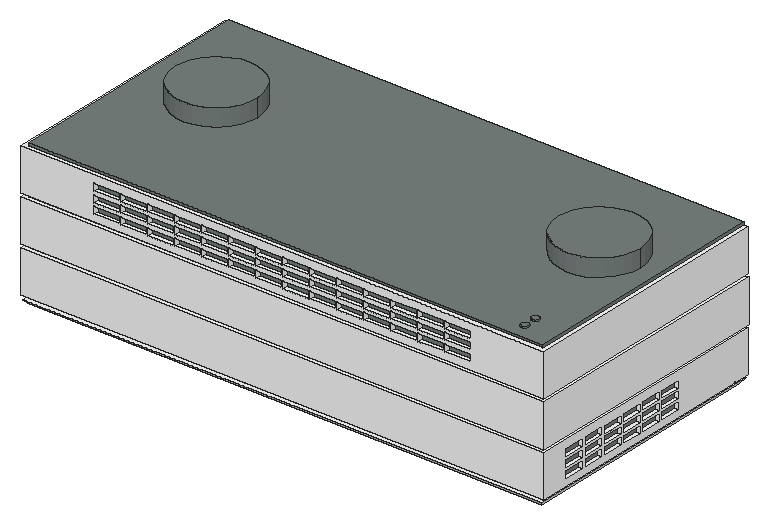
Revit family "AM 500 VT", category Mechanical Equipment, Revit 2019
Family settings
  Round Connector Dimension = Use Diameter
  Part Type = Normal
  OmniClass Number = 23.75.00.00
  OmniClass Title = Climate Control (HVAC)
  Work Plane-Based = No
  Always vertical = Yes
  Cut with Voids When Loaded = No
  Shared = No
  Room Calculation Point = No
Parameters
  Weight (Standard Unit) = 108  # constant formula
  Water Heater Surface Return = 10 mm  # constant formula
  Water Heater Surface IN = 10 mm  # constant formula
  URL = "www.airmaster-as.com"
  Total Width = 1600 mm  # constant formula
  Total Hight = 439 mm  # constant formula
  R-C Duct Supply = 192 mm  # constant formula
  L-C Duct Exhaust = 238 mm  # constant formula
  Suply Air In = 250 mm  # constant formula
  B-C Duct Supply = 328 mm  # constant formula
  Phase 1 - Max Power Consumption = "1762 W"
  Phase 1 - Max Current = "8,1 A"
  Nominal current, electrical preheating surface = "4,4 A"
  Nominal current, electrical comfort heating surface = "2,6 A"
  Nominal current, air handling unit = "1,1 A"
  Network Conection = "AWG 24 CAT 5e STP"
  Model = "AM 500 VT"
  Max. flow rate 35 dB(A) with ePM10 80% filters = 440.00 m³  # constant formula
  Max. flow rate 35 dB(A) with ePM10 55% filters = 495.00 m³  # constant formula
  Max. flow rate 35 dB(A) with ePM10 50% filters = 550.00 m³  # constant formula
  Max. flow rate 30 dB(A) with ePM10 80% filters = 344.00 m³  # constant formula
  Max. flow rate 30 dB(A) with ePM10 55% filters = 387.00 m³  # constant formula
  Max. flow rate 30 dB(A) with ePM10 50% filters = 430.00 m³  # constant formula
  Manufacturer = "Airmaster A/S"
  Maintenance [instance] = no
  B-C Duct Exhaust = 328 mm  # constant formula
  Exhaust Air = 250 mm  # constant formula
  Total Depth = 779 mm  # constant formula
  Electrical connection = "1 ~ 230 V / N / PE / 50 Hz"
  Drawn By = "LSB"
  Condensate = 9 mm  # constant formula
  BMS Panel = "(PTS) 2x2x0,6"
  BMS Out = "(PTS) 2x2x0,6"
  BMS IN = "(PTS) 2x0,6"
  Airlow area [instance] = no
Reference planes
  plane 1 "Center (Front/Back)": y = 0
  plane 2: z = 0
  plane 3 "Center (Left/Right)": x = 0
  plane 4 "Center L/S": y = -779
  plane 5 "Center L/T": x = -800
  plane 6 "Center L/U": x = 800
  plane 7 "TOP": z = 439
  plane 8 "Center L/V": x = -785
  plane 9 "Center L/W": y = -764
  plane 10 "Center L/X": x = 785
  plane 11 "Panel Buttom": z = 24.45
  plane 12 "Panel Top": z = 153.45
  plane 13 "Hatch": z = 14.5
  plane 14 "Center L/Z": z = 163.4
  plane 15 "Center L/AA": z = 292.4
  plane 16 "Center L/BB": z = 302.35
  plane 17 "Center L/CC": z = 431.35
Forms (mm)
  Extrusion 1, solid, material "AM Grey"
    sketch origin (0, 0, 0) x (1, 0, 0) y (0, 1, 0)
      loop
        line (-785, 0) -> (-785, -764) -> (785, -764) -> (785, 0) -> (-785, 0)
    from 14.5 to 439
  Extrusion 2, solid, material "AM White"
    sketch origin (794.5, -1524, 24.45) x (0, -1, 0) y (-1, 0, 0)
      loop
        line (-1524, 1594.5) -> (-1524, 1579.5) -> (-760, 1579.5) -> (-760, 9.5) -> (-1524, 9.5) -> (-1524, -5.5) -> (-745, -5.5) -> (-745, 1594.5) -> (-1524, 1594.5)
    from 0 to -129
  Blend 3, solid, material "AM White"
    base sketch origin (-790.646, -1524, 14.5) x (0, -1, 0) y (1, 0, 0)
      loop
        line (-745, -2.387) -> (-745, 1583.657) -> (-1524, 1583.657) -> (-1524, -2.387) -> (-745, -2.387)
    top sketch origin (-790.646, -1524, 14.5) x (0, -1, 0) y (1, 0, 0)
      loop
        line (-760, 8.963) -> (-760, 1572.646) -> (-1509.161, 1572.646) -> (-1509.161, 8.963) -> (-760, 8.963)
    from 0 to -14.5
  Extrusion 4, void
    sketch origin (1480.036, -779, 302.35) x (1, 0, 0) y (0, 0, -1)
      loop
        line (-2055.036, -85.5) -> (-2055.036, -107.5) -> (-1977.536, -107.5) -> (-1977.536, -85.5) -> (-2055.036, -85.5)
      loop
        line (-2055.036, -53.5) -> (-2055.036, -75.5) -> (-1977.536, -75.5) -> (-1977.536, -53.5) -> (-2055.036, -53.5)
      loop
        line (-2055.036, -21.5) -> (-2055.036, -43.5) -> (-1977.536, -43.5) -> (-1977.536, -21.5) -> (-2055.036, -21.5)
      loop
        line (-1972.536, -85.5) -> (-1972.536, -107.5) -> (-1895.036, -107.5) -> (-1895.036, -85.5) -> (-1972.536, -85.5)
      loop
        line (-1972.536, -53.5) -> (-1972.536, -75.5) -> (-1895.036, -75.5) -> (-1895.036, -53.5) -> (-1972.536, -53.5)
      loop
        line (-1972.536, -21.5) -> (-1972.536, -43.5) -> (-1895.036, -43.5) -> (-1895.036, -21.5) -> (-1972.536, -21.5)
      loop
        line (-1890.036, -85.5) -> (-1890.036, -107.5) -> (-1812.536, -107.5) -> (-1812.536, -85.5) -> (-1890.036, -85.5)
      loop
        line (-1890.036, -53.5) -> (-1890.036, -75.5) -> (-1812.536, -75.5) -> (-1812.536, -53.5) -> (-1890.036, -53.5)
      loop
        line (-1890.036, -21.5) -> (-1890.036, -43.5) -> (-1812.536, -43.5) -> (-1812.536, -21.5) -> (-1890.036, -21.5)
      loop
        line (-1807.536, -85.5) -> (-1807.536, -107.5) -> (-1730.036, -107.5) -> (-1730.036, -85.5) -> (-1807.536, -85.5)
      loop
        line (-1807.536, -53.5) -> (-1807.536, -75.5) -> (-1730.036, -75.5) -> (-1730.036, -53.5) -> (-1807.536, -53.5)
      loop
        line (-1807.536, -21.5) -> (-1807.536, -43.5) -> (-1730.036, -43.5) -> (-1730.036, -21.5) -> (-1807.536, -21.5)
      loop
        line (-1725.036, -85.5) -> (-1725.036, -107.5) -> (-1647.536, -107.5) -> (-1647.536, -85.5) -> (-1725.036, -85.5)
      loop
        line (-1725.036, -53.5) -> (-1725.036, -75.5) -> (-1647.536, -75.5) -> (-1647.536, -53.5) -> (-1725.036, -53.5)
      loop
        line (-1725.036, -21.5) -> (-1725.036, -43.5) -> (-1647.536, -43.5) -> (-1647.536, -21.5) -> (-1725.036, -21.5)
      loop
        line (-1642.536, -85.5) -> (-1642.536, -107.5) -> (-1565.036, -107.5) -> (-1565.036, -85.5) -> (-1642.536, -85.5)
      loop
        line (-1642.536, -53.5) -> (-1642.536, -75.5) -> (-1565.036, -75.5) -> (-1565.036, -53.5) -> (-1642.536, -53.5)
      loop
        line (-1642.536, -21.5) -> (-1642.536, -43.5) -> (-1565.036, -43.5) -> (-1565.036, -21.5) -> (-1642.536, -21.5)
      loop
        line (-1560.036, -85.5) -> (-1560.036, -107.5) -> (-1482.536, -107.5) -> (-1482.536, -85.5) -> (-1560.036, -85.5)
      loop
        line (-1560.036, -53.5) -> (-1560.036, -75.5) -> (-1482.536, -75.5) -> (-1482.536, -53.5) -> (-1560.036, -53.5)
      loop
        line (-1560.036, -21.5) -> (-1560.036, -43.5) -> (-1482.536, -43.5) -> (-1482.536, -21.5) -> (-1560.036, -21.5)
      loop
        line (-1477.536, -85.5) -> (-1477.536, -107.5) -> (-1400.036, -107.5) -> (-1400.036, -85.5) -> (-1477.536, -85.5)
      loop
        line (-1477.536, -53.5) -> (-1477.536, -75.5) -> (-1400.036, -75.5) -> (-1400.036, -53.5) -> (-1477.536, -53.5)
      loop
        line (-1477.536, -21.5) -> (-1477.536, -43.5) -> (-1400.036, -43.5) -> (-1400.036, -21.5) -> (-1477.536, -21.5)
      loop
        line (-1395.036, -85.5) -> (-1395.036, -107.5) -> (-1317.536, -107.5) -> (-1317.536, -85.5) -> (-1395.036, -85.5)
      loop
        line (-1395.036, -53.5) -> (-1395.036, -75.5) -> (-1317.536, -75.5) -> (-1317.536, -53.5) -> (-1395.036, -53.5)
      loop
        line (-1395.036, -21.5) -> (-1395.036, -43.5) -> (-1317.536, -43.5) -> (-1317.536, -21.5) -> (-1395.036, -21.5)
      loop
        line (-1312.536, -85.5) -> (-1312.536, -107.5) -> (-1235.036, -107.5) -> (-1235.036, -85.5) -> (-1312.536, -85.5)
      loop
        line (-1312.536, -53.5) -> (-1312.536, -75.5) -> (-1235.036, -75.5) -> (-1235.036, -53.5) -> (-1312.536, -53.5)
      loop
        line (-1312.536, -21.5) -> (-1312.536, -43.5) -> (-1235.036, -43.5) -> (-1235.036, -21.5) -> (-1312.536, -21.5)
      loop
        line (-1230.036, -85.5) -> (-1230.036, -107.5) -> (-1152.536, -107.5) -> (-1152.536, -85.5) -> (-1230.036, -85.5)
      loop
        line (-1230.036, -53.5) -> (-1230.036, -75.5) -> (-1152.536, -75.5) -> (-1152.536, -53.5) -> (-1230.036, -53.5)
      loop
        line (-1230.036, -21.5) -> (-1230.036, -43.5) -> (-1152.536, -43.5) -> (-1152.536, -21.5) -> (-1230.036, -21.5)
      loop
        line (-1147.536, -85.5) -> (-1147.536, -107.5) -> (-1070.036, -107.5) -> (-1070.036, -85.5) -> (-1147.536, -85.5)
      loop
        line (-1147.536, -53.5) -> (-1147.536, -75.5) -> (-1070.036, -75.5) -> (-1070.036, -53.5) -> (-1147.536, -53.5)
      loop
        line (-1147.536, -21.5) -> (-1147.536, -43.5) -> (-1070.036, -43.5) -> (-1070.036, -21.5) -> (-1147.536, -21.5)
      loop
        line (-1065.036, -85.5) -> (-1065.036, -107.5) -> (-987.536, -107.5) -> (-987.536, -85.5) -> (-1065.036, -85.5)
      loop
        line (-1065.036, -53.5) -> (-1065.036, -75.5) -> (-987.536, -75.5) -> (-987.536, -53.5) -> (-1065.036, -53.5)
      loop
        line (-1065.036, -21.5) -> (-1065.036, -43.5) -> (-987.536, -43.5) -> (-987.536, -21.5) -> (-1065.036, -21.5)
      loop
        line (-982.536, -85.5) -> (-982.536, -107.5) -> (-905.036, -107.5) -> (-905.036, -85.5) -> (-982.536, -85.5)
      loop
        line (-982.536, -53.5) -> (-982.536, -75.5) -> (-905.036, -75.5) -> (-905.036, -53.5) -> (-982.536, -53.5)
      loop
        line (-982.536, -21.5) -> (-982.536, -43.5) -> (-905.036, -43.5) -> (-905.036, -21.5) -> (-982.536, -21.5)
    from 0 to 15
  Extrusion 5, solid, material "AM Grey"
    sketch origin (-785, -20, 0) x (0, 1, 0) y (0, 0, -1)
      loop
        arc (-34.231, -35.823) -> (-20.604, -46.468) -> (-15.509, -29.944) r 10.5
        arc (-15.509, -29.944) -> (-26.896, -26.432) -> (-34.231, -35.823) r 10.5
    from 0 to 14.9
  Extrusion 6, void
    sketch origin (800, 1296.25, 24.45) x (0, 1, 0) y (0, 0, -1)
      loop
        line (-1995, -105.164) -> (-1927, -105.164) -> (-1927, -80.664) -> (-1995, -80.664) -> (-1995, -105.164)
      loop
        line (-1995, -75.664) -> (-1927, -75.664) -> (-1927, -51.164) -> (-1995, -51.164) -> (-1995, -75.664)
      loop
        line (-1995, -46.164) -> (-1927, -46.164) -> (-1927, -21.664) -> (-1995, -21.664) -> (-1995, -46.164)
      loop
        line (-1922, -105.164) -> (-1854, -105.164) -> (-1854, -80.664) -> (-1922, -80.664) -> (-1922, -105.164)
      loop
        line (-1922, -75.664) -> (-1854, -75.664) -> (-1854, -51.164) -> (-1922, -51.164) -> (-1922, -75.664)
      loop
        line (-1922, -46.164) -> (-1854, -46.164) -> (-1854, -21.664) -> (-1922, -21.664) -> (-1922, -46.164)
      loop
        line (-1849, -105.164) -> (-1781, -105.164) -> (-1781, -80.664) -> (-1849, -80.664) -> (-1849, -105.164)
      loop
        line (-1849, -75.664) -> (-1781, -75.664) -> (-1781, -51.164) -> (-1849, -51.164) -> (-1849, -75.664)
      loop
        line (-1849, -46.164) -> (-1781, -46.164) -> (-1781, -21.664) -> (-1849, -21.664) -> (-1849, -46.164)
      loop
        line (-1776, -105.164) -> (-1708, -105.164) -> (-1708, -80.664) -> (-1776, -80.664) -> (-1776, -105.164)
      loop
        line (-1776, -75.664) -> (-1708, -75.664) -> (-1708, -51.164) -> (-1776, -51.164) -> (-1776, -75.664)
      loop
        line (-1776, -46.164) -> (-1708, -46.164) -> (-1708, -21.664) -> (-1776, -21.664) -> (-1776, -46.164)
      loop
        line (-1703, -105.164) -> (-1635, -105.164) -> (-1635, -80.664) -> (-1703, -80.664) -> (-1703, -105.164)
      loop
        line (-1703, -75.664) -> (-1635, -75.664) -> (-1635, -51.164) -> (-1703, -51.164) -> (-1703, -75.664)
      loop
        line (-1703, -46.164) -> (-1635, -46.164) -> (-1635, -21.664) -> (-1703, -21.664) -> (-1703, -46.164)
      loop
        line (-1630, -105.164) -> (-1562, -105.164) -> (-1562, -80.664) -> (-1630, -80.664) -> (-1630, -105.164)
      loop
        line (-1630, -75.664) -> (-1562, -75.664) -> (-1562, -51.164) -> (-1630, -51.164) -> (-1630, -75.664)
      loop
        line (-1630, -46.164) -> (-1562, -46.164) -> (-1562, -21.664) -> (-1630, -21.664) -> (-1630, -46.164)
    from 0 to 15
  Extrusion 7, solid, material "AM Grey"
    sketch origin (785, 0, 0) x (0, -1, 0) y (0, 0, -1)
      loop
        circle (48.75, -36.414) r 8
    from 0 to 14.9
  Extrusion 8, solid, material "AM Grey"
    sketch origin (785, 0, 0) x (0, -1, 0) y (0, 0, -1)
      loop
        circle (48.75, -60.414) r 5.5
    from 0 to 14.9
  Extrusion 9, solid, material "AM Grey"
    sketch origin (785, 0, 0) x (0, -1, 0) y (0, 0, -1)
      loop
        arc (52.21, -82.945) -> (49.124, -78.934) -> (45.257, -82.197) r 3.5
        arc (45.257, -82.197) -> (48.376, -85.894) -> (52.21, -82.945) r 3.5
    from 0 to 14.9
  Extrusion 10, solid, material "AM Grey"
    sketch origin (785, 0, 0) x (0, -1, 0) y (0, 0, -1)
      loop
        arc (52.21, -104.867) -> (49.124, -100.856) -> (45.257, -104.119) r 3.5
        arc (45.257, -104.119) -> (48.376, -107.816) -> (52.21, -104.867) r 3.5
    from 0 to 14.9
  Extrusion 11, solid, material "AM Grey"
    sketch origin (785, 0, 0) x (0, -1, 0) y (0, 0, -1)
      loop
        arc (666.553, -391.641) -> (678.119, -403.614) -> (689.95, -391.903) r 11.7
        arc (689.95, -391.903) -> (678.381, -380.215) -> (666.553, -391.641) r 11.7
    from 0 to 2
  Extrusion 12, solid, material "AM Grey"
    sketch origin (785, 0, 0) x (0, -1, 0) y (0, 0, -1)
      loop
        arc (707.323, -393.239) -> (721.418, -403.717) -> (730.869, -388.914) r 12
        arc (730.869, -388.914) -> (717.082, -380.112) -> (707.323, -393.239) r 12
    from 0 to 2
  Extrusion 13, solid, material "AM Grey"
    sketch origin (-2194.69, 0, 0) x (1, 0, 0) y (0, 0, -1)
      loop
        arc (1478.835, -24) -> (1493.457, -45.482) -> (1480.281, -23.084) r 13
        line (1480.281, -23.084) -> (1478.835, -24)
    from 0 to 2
  Extrusion 14, solid, material "AM Grey"
    sketch origin (0, 0, 439) x (1, 0, 0) y (0, 1, 0)
      loop
        arc (693.662, -689.53) -> (693, -667.55) -> (692.338, -689.53) r 11
        line (692.338, -689.53) -> (693.662, -689.53)
    from 0 to 2
  Extrusion 15, solid, material "AM Grey"
    sketch origin (0, 0, 439) x (1, 0, 0) y (0, 1, 0)
      loop
        arc (693.662, -730.28) -> (693, -708.3) -> (692.338, -730.28) r 11
        line (692.338, -730.28) -> (693.662, -730.28)
    from 0 to 2
  Extrusion 16, solid, material "Maintenece", visible <- "Maintenance"
    sketch origin (-790.646, -1524, 0) x (1, 0, 0) y (0, -1, 0)
      loop
        line (-9.354, -1524) -> (1590.646, -1524) -> (1590.646, -745) -> (-9.354, -745) -> (-9.354, -1524)
    from 0 to 1200
  Extrusion 17, solid, material "Maintenece", visible <- "Airlow area"
    sketch origin (800, 1296.25, 24.45) x (0, -1, 0) y (0, 0, -1)
      loop
        line (1296.25, -129) -> (2081.25, -129) -> (2081.25, 21) -> (1296.25, 21) -> (1296.25, -129)
    from 0 to 500
  Extrusion 18, solid, material "AM Grey"
    sketch origin (0, 0, 439) x (1, 0, 0) y (0, 1, 0)
      loop
        circle (-562, -328) r 125
    from 0 to 53
  Extrusion 19, solid, material "AM Grey"
    sketch origin (1170, 0, 439) x (1, 0, 0) y (0, 1, 0)
      loop
        circle (-562, -328) r 125
    from 0 to 53
  Extrusion 20, solid, material "AM White"
    sketch origin (794.5, -1524, 302.35) x (0, -1, 0) y (-1, 0, 0)
      loop
        line (-1524, 1594.5) -> (-1524, 1579.5) -> (-760, 1579.5) -> (-760, 9.5) -> (-1524, 9.5) -> (-1524, -5.5) -> (-745, -5.5) -> (-745, 1594.5) -> (-1524, 1594.5)
    from 0 to -129
  Extrusion 21, solid, material "AM White"
    sketch origin (794.5, -1524, 163.4) x (0, -1, 0) y (-1, 0, 0)
      loop
        line (-1524, 1594.5) -> (-1524, 1579.5) -> (-760, 1579.5) -> (-760, 9.5) -> (-1524, 9.5) -> (-1524, -5.5) -> (-745, -5.5) -> (-745, 1594.5) -> (-1524, 1594.5)
    from 0 to -129
Cuts and joins
  Extrusion 4, Extrusion 6 cuts Extrusion 1
  Extrusion 4, Extrusion 6 cuts Extrusion 2
  Extrusion 4 cuts Extrusion 20
Dimensions and locks
  "Total Depth": plane 4 "Center L/S" to plane 1 "Center (Front/Back)"
  equal spacing: plane 5 "Center L/T", plane 3 "Center (Left/Right)", plane 6 "Center L/U"
  "Total Width": plane 5 "Center L/T" to plane 6 "Center L/U"
  "Total Hight": plane 7 "TOP" to level
  locked: plane 10 "Center L/X" to plane 6 "Center L/U" at 15
  locked: plane 4 "Center L/S" to plane 9 "Center L/W" at 15
  locked: plane 5 "Center L/T" to plane 8 "Center L/V" at 15
  Extrusion 1 to Blend 3 sketch curve = 14.839 mm
  nested 3 to cut or joined group of Extrusion 2, Extrusion 4, Extrusion 6 = 500 mm
  "L-C Duct Exhaust": plane 5 "Center L/T" to Extrusion 18 sketch curve
  "B-C Duct Exhaust": Extrusion 18 sketch curve to plane 1 "Center (Front/Back)"
  "B-C Duct Supply": Extrusion 19 sketch curve to Extrusion 17
  "R-C Duct Supply": Extrusion 19 sketch curve to plane 6 "Center L/U"
  aligned and locked: level to plane 2
  aligned and locked: plane 1 "Center (Front/Back)" to Extrusion 1 sketch curve
  aligned and locked: Extrusion 1 sketch curve to plane 8 "Center L/V"
  aligned and locked: Extrusion 1 sketch curve to plane 9 "Center L/W"
  aligned and locked: Extrusion 1 sketch curve to plane 10 "Center L/X"
  aligned and locked: plane 7 "TOP" to Extrusion 1
  aligned and locked: plane 5 "Center L/T" to Extrusion 2 sketch curve
  aligned and locked: plane 4 "Center L/S" to Extrusion 2 sketch curve
  aligned and locked: plane 6 "Center L/U" to Extrusion 2 sketch curve
  aligned and locked: Extrusion 2 sketch curve to Extrusion 1  (x3)
  aligned and locked: plane 1 "Center (Front/Back)" to Extrusion 2 sketch curve
  aligned and locked: Extrusion 2 to plane 12 "Panel Top"
  aligned and locked: Blend 3 to plane 2
  aligned and locked: plane 13 "Hatch" to Extrusion 1
  aligned and locked: Extrusion 16 sketch curve to cut or joined group of Extrusion 2, Extrusion 4, Extrusion 6  (x4)
  aligned and locked: Extrusion 17 sketch curve to cut or joined group of Extrusion 2, Extrusion 4, Extrusion 6  (x2)
Automatic sketch dimensions
  plane 1 "Center (Front/Back)" to Extrusion 2 sketch curve = 0 mm
  plane 1 "Center (Front/Back)" to Blend 3 sketch curve = 0 mm
  plane 4 "Center L/S" to Blend 3 sketch curve = 0 mm
  plane 5 "Center L/T" to Blend 3 sketch curve = 6.967 mm
  Blend 3 sketch curve to plane 6 "Center L/U" = 6.989 mm
  plane 9 "Center L/W" to Blend 3 sketch curve = 0 mm
  plane 8 "Center L/V" to Blend 3 sketch curve = 3.316 mm
  Blend 3 sketch curve to plane 10 "Center L/X" = 3 mm
  Extrusion 4 sketch curve to Extrusion 2 = 225 mm
  Extrusion 4 sketch curve to Extrusion 4 sketch curve = 0 mm  (x89)
  Extrusion 4 sketch curve to Extrusion 4 sketch curve = 77.5 mm  (x14)
  Extrusion 4 sketch curve to Extrusion 4 sketch curve = 5 mm  (x39)
  Extrusion 2 to Extrusion 4 sketch curve = 256.4 mm  (x3)
  Extrusion 4 sketch curve to Extrusion 4 sketch curve = 22 mm  (x10)
  Extrusion 4 sketch curve to Extrusion 4 sketch curve = 10 mm  (x12)
  Extrusion 5 sketch curve to Extrusion 5 sketch curve = 0 mm  (x2)
  Extrusion 1 to Extrusion 5 sketch curve = 43.75 mm
  Extrusion 1 to Extrusion 5 sketch curve = 21.95 mm
  Extrusion 5 sketch curve to Extrusion 5 sketch curve = 10.481 mm
  Extrusion 5 sketch curve to Extrusion 5 sketch curve = 8.241 mm
  Extrusion 5 sketch curve to Extrusion 5 sketch curve = 0.627 mm
  Extrusion 6 sketch curve to Extrusion 2 = 23.836 mm  (x2)
  Extrusion 2 to Extrusion 6 sketch curve = 80.25 mm
  Extrusion 6 sketch curve to Extrusion 6 sketch curve = 0 mm  (x33)
  Extrusion 6 sketch curve to Extrusion 6 sketch curve = 68 mm  (x6)
  Extrusion 6 sketch curve to Extrusion 6 sketch curve = 5 mm  (x22)
  Extrusion 6 sketch curve to Extrusion 6 sketch curve = 24.5 mm  (x5)
  Extrusion 6 sketch curve to Extrusion 2 = 21.664 mm  (x3)
  Extrusion 1 to Extrusion 7 sketch curve = 21.914 mm
  Extrusion 1 to Extrusion 7 sketch curve = 48.75 mm
  Extrusion 1 to Extrusion 8 sketch curve = 48.75 mm
  Extrusion 1 to Extrusion 8 sketch curve = 45.914 mm
  Extrusion 9 sketch curve to Extrusion 9 sketch curve = 0 mm  (x2)
  Extrusion 1 to Extrusion 9 sketch curve = 48.75 mm
  Extrusion 1 to Extrusion 9 sketch curve = 67.914 mm
  Extrusion 9 sketch curve to Extrusion 9 sketch curve = 3.493 mm
  Extrusion 9 sketch curve to Extrusion 9 sketch curve = 3.46 mm
  Extrusion 9 sketch curve to Extrusion 9 sketch curve = 0.531 mm
  Extrusion 10 sketch curve to Extrusion 10 sketch curve = 0 mm  (x2)
  Extrusion 1 to Extrusion 10 sketch curve = 48.75 mm
  Extrusion 1 to Extrusion 10 sketch curve = 89.836 mm
  Extrusion 10 sketch curve to Extrusion 10 sketch curve = 3.493 mm
  Extrusion 10 sketch curve to Extrusion 10 sketch curve = 3.46 mm
  Extrusion 10 sketch curve to Extrusion 10 sketch curve = 0.531 mm
  Extrusion 11 sketch curve to Extrusion 11 sketch curve = 0 mm  (x2)
  Extrusion 1 to Extrusion 11 sketch curve = 85.75 mm
  Extrusion 1 to Extrusion 11 sketch curve = 47.086 mm
  Extrusion 11 sketch curve to Extrusion 11 sketch curve = 11.697 mm
  Extrusion 11 sketch curve to Extrusion 11 sketch curve = 11.7 mm
  Extrusion 11 sketch curve to Extrusion 11 sketch curve = 0.011 mm
  Extrusion 12 sketch curve to Extrusion 12 sketch curve = 0 mm  (x2)
  Extrusion 1 to Extrusion 12 sketch curve = 44.75 mm
  Extrusion 1 to Extrusion 12 sketch curve = 47.086 mm
  Extrusion 12 sketch curve to Extrusion 12 sketch curve = 11.927 mm
  Extrusion 12 sketch curve to Extrusion 12 sketch curve = 11.619 mm
  Extrusion 12 sketch curve to Extrusion 12 sketch curve = 1.325 mm
  Extrusion 1 to Extrusion 13 sketch curve = 9.5 mm
  Extrusion 13 sketch curve to Extrusion 1 = 69.145 mm
  Extrusion 1 to Extrusion 13 sketch curve = 8.584 mm
  Extrusion 13 sketch curve to Extrusion 13 sketch curve = 1.446 mm
  Extrusion 13 sketch curve to Extrusion 13 sketch curve = 6.219 mm
  Extrusion 14 sketch curve to Extrusion 1 = 92.662 mm
  Extrusion 14 sketch curve to Extrusion 14 sketch curve = 0.662 mm
  Extrusion 14 sketch curve to Extrusion 1 = 74.47 mm
  Extrusion 14 sketch curve to Extrusion 14 sketch curve = 10.98 mm
  Extrusion 15 sketch curve to Extrusion 1 = 92.662 mm
  Extrusion 15 sketch curve to Extrusion 15 sketch curve = 0.662 mm
  Extrusion 15 sketch curve to Extrusion 1 = 33.72 mm
  Extrusion 15 sketch curve to Extrusion 15 sketch curve = 10.98 mm
  Extrusion 2 to Extrusion 17 sketch curve = 6 mm
  Extrusion 17 sketch curve to Extrusion 2 = 21 mm
  plane 1 "Center (Front/Back)" to Extrusion 20 sketch curve = 0 mm  (x2)
  Extrusion 20 sketch curve to plane 8 "Center L/V" = 0 mm
  Extrusion 20 sketch curve to plane 9 "Center L/W" = 0 mm
  plane 4 "Center L/S" to Extrusion 20 sketch curve = 0 mm
  Extrusion 20 sketch curve to plane 5 "Center L/T" = 0 mm
  Extrusion 20 sketch curve to plane 10 "Center L/X" = 0 mm
  Extrusion 20 sketch curve to plane 6 "Center L/U" = 0 mm
  plane 1 "Center (Front/Back)" to Extrusion 21 sketch curve = 0 mm  (x2)
  Extrusion 21 sketch curve to plane 8 "Center L/V" = 0 mm
  Extrusion 21 sketch curve to plane 9 "Center L/W" = 0 mm
  plane 4 "Center L/S" to Extrusion 21 sketch curve = 0 mm
  Extrusion 21 sketch curve to plane 5 "Center L/T" = 0 mm
  Extrusion 21 sketch curve to plane 10 "Center L/X" = 0 mm
  Extrusion 21 sketch curve to plane 6 "Center L/U" = 0 mm
  radius of Extrusion 7 sketch curve = 8 mm
  radius of Extrusion 8 sketch curve = 5.5 mm
  radius of Extrusion 18 sketch curve = 125 mm
  radius of Extrusion 19 sketch curve = 125 mm
Nested families
  nested 1: "Model Label 2019" at (0, -541.924, 0), Label <- "Model", type "Model Label 2019"
    with Label "AM 500 VT"
  nested 2: "Pil Indtag" at (1300, -364, 0) x (-1, 0, 0) z (0, 0, 1), type "Pil Indtag"
    with dX_ 609 mm, dX 609 mm, ang2D 0.00°
  nested 3: "indblæssymbol" at (11.742, -829, 0) x (0, -1, 0) z (0, 0, 1), type "indblæssymbol"
    with dX_ 609 mm, dX 609 mm, ang2D 0.00°
Connectors
  piping at (-799.9, -44.87, 32.883), diameter 9, driven by "Condensate"
    settings: on Extrusion 5, index 1, connector inside diameter 609.6 mm, connector length 0 mm, flow factor 0, pipe flow 0.0 L/s, pressure drop 0.0 Pa, fitting loss kfactor 0, connector angle 0.00°, fixture units 0, engagement length 0 mm, angle of deflection 0.00°, flow configuration 0, flow direction 0, fitting loss method 0, system type 16, joint type 0, gender type 0, connector reference index -1, connector utility 0, adjustable connector no, is connector primary yes, connector description ""
  electrical at (799.9, -48.75, 36.414), driven by "Electrical connection"
    settings: on Extrusion 7, index 2, voltage 230 V, apparent load 0 VA, apparent load phase1 0 VA, apparent load phase2 0 VA, apparent load phase3 0 VA, power factor 0.58, load classification "Other", number of poles 1, system type 30, power factor state 1, is connector primary yes, connector utility no, sub classification motor no, connector description "1 ~ 230 V / N / PE / 50 Hz"
  electrical at (799.9, -48.75, 60.414), driven by "Network Conection"
    settings: on Extrusion 8, index 3, voltage 0 V, apparent load 0 VA, apparent load phase1 0 VA, apparent load phase2 0 VA, apparent load phase3 0 VA, power factor 1, load classification "Other", number of poles 1, system type 5, power factor state 1, is connector primary no, connector utility no, sub classification motor no, connector description "AWG 24 CAT 5e STP"
  electrical at (799.9, -48.733, 82.571), driven by "BMS IN"
    settings: on Extrusion 9, index 4, voltage 0 V, apparent load 0 VA, apparent load phase1 0 VA, apparent load phase2 0 VA, apparent load phase3 0 VA, power factor 1, load classification "Other", number of poles 1, system type 5, power factor state 1, is connector primary no, connector utility no, sub classification motor no, connector description "(PTS) 2x0,6"
  electrical at (799.9, -48.733, 104.493), driven by "BMS Out"
    settings: on Extrusion 10, index 5, voltage 0 V, apparent load 0 VA, apparent load phase1 0 VA, apparent load phase2 0 VA, apparent load phase3 0 VA, power factor 1, load classification "Other", number of poles 1, system type 5, power factor state 1, is connector primary no, connector utility no, sub classification motor no, connector description "(PTS) 2x2x0,6"
  piping at (787, -719.096, 391.076), diameter 10, driven by "Water Heater Surface IN"
    settings: on Extrusion 12, index 6, connector inside diameter 609.6 mm, connector length 0 mm, flow factor 0, pipe flow 0.0 L/s, pressure drop 0.0 Pa, fitting loss kfactor 0, connector angle 0.00°, fixture units 0, engagement length 0 mm, angle of deflection 0.00°, flow configuration 0, flow direction 1, fitting loss method 0, system type 7, joint type 0, gender type 0, connector reference index -1, connector utility 0, adjustable connector no, is connector primary no, connector description ""
  piping at (787, -678.252, 391.772), diameter 10, driven by "Water Heater Surface Return"
    settings: on Extrusion 11, index 7, connector inside diameter 609.6 mm, connector length 0 mm, flow factor 0, pipe flow 0.0 L/s, pressure drop 0.0 Pa, fitting loss kfactor 0, connector angle 0.00°, fixture units 0, engagement length 0 mm, angle of deflection 0.00°, flow configuration 0, flow direction 2, fitting loss method 0, system type 8, joint type 0, gender type 0, connector reference index -1, connector utility 0, adjustable connector no, is connector primary no, connector description ""
  piping at (-715.132, 2, 23.542), diameter 9, driven by "Condensate"
    settings: on Extrusion 13, index 8, connector inside diameter 609.6 mm, connector length 0 mm, flow factor 0, pipe flow 0.0 L/s, pressure drop 0.0 Pa, fitting loss kfactor 0, connector angle 0.00°, fixture units 0, engagement length 0 mm, angle of deflection 0.00°, flow configuration 0, flow direction 0, fitting loss method 0, system type 16, joint type 0, gender type 0, connector reference index -1, connector utility 0, adjustable connector no, is connector primary no, connector description "9"
  piping at (693, -730.28, 441), diameter 10, driven by "Water Heater Surface IN"
    settings: on Extrusion 15, index 11, connector inside diameter 609.6 mm, connector length 0 mm, flow factor 0, pipe flow 0.0 L/s, pressure drop 0.0 Pa, fitting loss kfactor 0, connector angle 0.00°, fixture units 0, engagement length 0 mm, angle of deflection 0.00°, flow configuration 0, flow direction 0, fitting loss method 0, system type 19, joint type 0, gender type 0, connector reference index -1, connector utility 0, adjustable connector no, is connector primary no, connector description ""
  piping at (693, -689.53, 441), diameter 10, driven by "Water Heater Surface Return"
    settings: on Extrusion 14, index 12, connector inside diameter 609.6 mm, connector length 0 mm, flow factor 0, pipe flow 0.0 L/s, pressure drop 0.0 Pa, fitting loss kfactor 0, connector angle 0.00°, fixture units 0, engagement length 0 mm, angle of deflection 0.00°, flow configuration 0, flow direction 0, fitting loss method 0, system type 19, joint type 0, gender type 0, connector reference index -1, connector utility 0, adjustable connector no, is connector primary no, connector description ""
  hvac at (-562, -328, 439), driven by "Exhaust Air"
    settings: on Extrusion 18, index 15, duct flow 0.0 L/s, flow factor 0, pres drop 0.0 Pa, loss coef 0, conn angle 0.00°, conn width 304.8 mm, conn height 304.8 mm, conn diameter 250 mm, duct sys type 3, conn prof type 0, flow config 0, flow direction 2, loss method 0, conn ref index -1, conn util no, is conn primary yes, conn desc ""
  hvac at (608, -328, 439), driven by "Suply Air In"
    settings: on Extrusion 19, index 16, duct flow 0.0 L/s, flow factor 0, pres drop 0.0 Pa, loss coef 0, conn angle 0.00°, conn width 304.8 mm, conn height 304.8 mm, conn diameter 250 mm, duct sys type 1, conn prof type 0, flow config 0, flow direction 1, loss method 0, conn ref index -1, conn util no, is conn primary no, conn desc ""
Definition of nested family "Model Label 2019"
  Parameters (values of type "Model Label 2019")
    Label [instance] = ""
  Reference planes
    plane 1: y = 0
    plane 2: x = 0
  Text (mm)
    label "Label" at (-0.131, 0.049, 0), shows "Label"
Definition of nested family "Pil Indtag"
  Parameters (values of type "Pil Indtag")
    dX_ [instance] = if(dX = 0 mm, 1 mm, dX)  # 609 mm
    dX [instance] = 609 mm
    ang2D [instance] = 0.00°
    Type Comments = "DO NOT CHANGE dX value from 608 mm ( 2 ft )"
    Afstand pil = 50 mm
  Reference planes
    plane 1 "Center (Front/Back)": y = 0
    plane 2: z = 0
    plane 3 "Center (Left/Right)": x = 0
    plane 4: x = 500
  Lines and regions (mm)
    Filled region 1, type "Concrete", in view "Ref. Level"
      outline origin (0, 0, 0) x (1, 0, 0) y (0, 1, 0)
        loop
          line (499.552, 0) -> (401.072, 17.365) -> (401.072, -17.365) -> (499.552, 0)
    reference lines, in view "Ref. Level"
      curve 1: line (50, 134.129, 0) -> (50, -145.871, 0)
    detail lines, in view "Ref. Level", not visible
      curve 2: arc (335, 0, 0) -> (385.559, -50.321, 0) -> (434.999, 1.101, 0) r 50.01
      curve 3: arc (335, 0, 0) -> (285.666, 52.633, 0) -> (235.069, 1.212, 0) r 50.01
      curve 4: line (434.999, 1.101, 0) -> (434.999, 21.156, 0)
      curve 5: line (235.069, 1.212, 0) -> (235.069, -18.844, 0)
    detail lines, in view "Ref. Level"
      curve 6: arc (225.332, 0, 0) -> (272.332, -35.211, 0) -> (294.114, 19.326, 0) r 36.995
      curve 7: arc (225.206, 0, 0) -> (173.868, 30.307, 0) -> (156.85, -26.829, 0) r 37.835
      curve 8: line (499.552, 0, 0) -> (401.072, 17.365, 0)
      curve 9: line (401.072, 17.365, 0) -> (401.072, -17.365, 0)
      curve 10: line (401.072, -17.365, 0) -> (499.552, 0, 0)
      curve 11: line (499.552, 0, 0) -> (-15.448, 0, 0)
  Dimensions and locks
    "Afstand pil": plane 3 "Center (Left/Right)" to curve 1
    plane 3 "Center (Left/Right)" to plane 4 = 500 mm
  Automatic sketch dimensions
    plane 1 "Center (Front/Back)" to Filled region 1 sketch curve = 0 mm
    Filled region 1 sketch curve to plane 4 = 0.448 mm
    plane 1 "Center (Front/Back)" to Filled region 1 sketch curve = 17.365 mm
    Filled region 1 sketch curve to plane 4 = 98.928 mm
    Filled region 1 sketch curve to plane 1 "Center (Front/Back)" = 17.365 mm
    plane 1 "Center (Front/Back)" to curve 11 = 0 mm
    plane 1 "Center (Front/Back)" to curve 7 = 4.913 mm
    plane 3 "Center (Left/Right)" to curve 7 = 187.691 mm
    curve 6 to plane 1 "Center (Front/Back)" = 0.405 mm
    curve 7 to curve 6 = 74.634 mm
    curve 9 to plane 1 "Center (Front/Back)" = 17.365 mm
    curve 9 to plane 4 = 98.928 mm
    curve 11 to plane 4 = 0.448 mm
    plane 1 "Center (Front/Back)" to curve 10 = 17.365 mm
    curve 7 to curve 7 = 30.842 mm
    curve 11 to plane 3 "Center (Left/Right)" = 15.448 mm
    curve 7 to curve 6 = 37.119 mm
    curve 7 to curve 6 = 0.126 mm
    curve 6 to plane 1 "Center (Front/Back)" = 19.326 mm
    plane 1 "Center (Front/Back)" to curve 1 = 145.871 mm
    curve 1 to plane 1 "Center (Front/Back)" = 134.129 mm
Definition of nested family "indblæssymbol"
  Parameters (values of type "indblæssymbol")
    dX_ [instance] = if(dX = 0 mm, 1 mm, dX)  # 609 mm
    dX [instance] = 609 mm
    ang2D [instance] = 0.00°
    Type Comments = "DO NOT CHANGE dX value from 608 mm ( 2 ft )"
    Afstand pil = 50 mm
  Reference planes
    plane 1 "Center (Front/Back)": y = 0
    plane 2: z = 0
    plane 3 "Center (Left/Right)": x = 0
  Lines and regions (mm)
    Filled region 1, type "Concrete", in view "Ref. Level"
      outline origin (50.005, 0, 0) x (1, 0, 0) y (0, 1, 0)
        loop
          line (399.995, 0.414) -> (301.442, 17.365) -> (301.588, -17.365) -> (399.995, 0.414)
    reference lines, in view "Ref. Level"
      curve 1: line (50, 134.129, 0) -> (50, -145.871, 0)
    detail lines, in view "Ref. Level"
      curve 2: line (351.52, 0, 0) -> (50, 0, 0)
  Dimensions and locks
    "Afstand pil": plane 3 "Center (Left/Right)" to curve 1
    curve 1 to Filled region 1 = 400 mm
  Automatic sketch dimensions
    Filled region 1 sketch curve to plane 1 "Center (Front/Back)" = 0.414 mm
    plane 3 "Center (Left/Right)" to Filled region 1 sketch curve = 450 mm
    plane 1 "Center (Front/Back)" to Filled region 1 sketch curve = 17.365 mm
    Filled region 1 sketch curve to Filled region 1 sketch curve = 98.407 mm
    Filled region 1 sketch curve to plane 1 "Center (Front/Back)" = 17.365 mm
    Filled region 1 sketch curve to Filled region 1 sketch curve = 0.146 mm
    plane 1 "Center (Front/Back)" to curve 2 = 0 mm
    plane 3 "Center (Left/Right)" to curve 2 = 50 mm
    curve 2 to curve 2 = 301.52 mm
    plane 1 "Center (Front/Back)" to curve 1 = 145.871 mm
    curve 1 to plane 1 "Center (Front/Back)" = 134.129 mm
